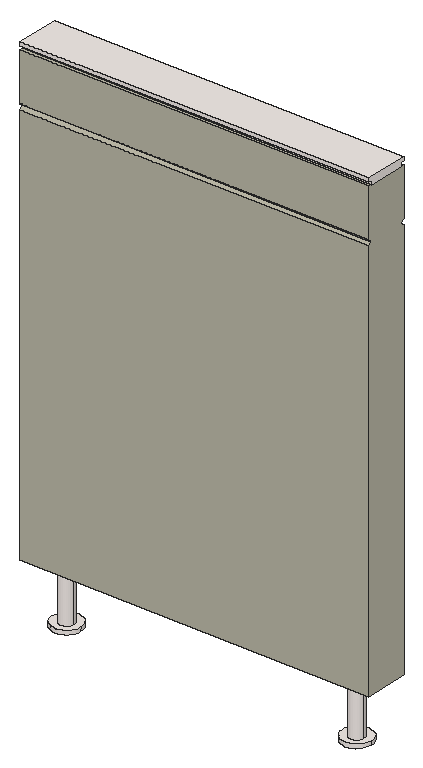
Revit family "b2a11eaf4d604028b0d2a7dfab8d45aa", category Furniture Systems, Revit 2021
Family settings
  Round Connector Dimension = Use Diameter
  Part Type = Normal
  OmniClass Number = 23.40.70.14.64.21
  OmniClass Title = Systems Furniture
  Work Plane-Based = No
  Always vertical = Yes
  Cut with Voids When Loaded = No
  Shared = No
  Room Calculation Point = No
Parameters (values of type "24" x 36"")
  Type Comments = "24\" x 36\" Panel"
  Thickness = 3"
  Start - Cap Visible [instance] = no
  Panel Material [instance] = Fabric - Plaid Beige
  Model = ""
  Manufacturer = ""
  Length = 24"
  Height = 36"
  End - Cap Visible [instance] = no
  Edge Material [instance] = Metal - Paint Linen
  Description = ""
  Default Elevation = 0"
Reference planes (in)
  plane 1 "Center F/B": y = 0
  plane 2: z = 0
  plane 3 "Center L/R": x = 0
  plane 4 "Right": x = 24
  plane 5 "Front": y = -1.5
  plane 6: x = 24.5
  plane 7 "Top": z = 36
  plane 8: z = 4
  plane 9: z = 35.5
  plane 10: z = 35.75
  plane 11: x = 2
  plane 12: x = 22
  plane 13: y = 1.5
  plane 14: x = 24.25
  plane 15: x = -0.5
  plane 16: z = 0.25
  plane 17: z = 32
  plane 18: x = -0.25
Forms (in)
  Extrusion 1, solid, material "Fabric - Plaid Beige" <- "Panel Material"
    sketch origin (0, 0, 0) x (1, 0, 0) y (0, 1, 0)
      loop
        line (0, 1.5) -> (0, -1.5) -> (24, -1.5) -> (24, 1.5) -> (0, 1.5)
    from 4 to 35.5
  Extrusion 2, solid, material "Metal - Paint Linen" <- "Edge Material"
    sketch origin (0, 0, 0) x (0, 1, 0) y (0, 0, 1)
      loop
        line (1.5, 35.75) -> (1.5, 36) -> (-1.5, 36) -> (-1.5, 35.75) -> (-1.25, 35.75) -> (-1.25, 35.5) -> (1.25, 35.5) -> (1.25, 35.75) -> (1.5, 35.75)
    from 0 to 24
  Extrusion 3, solid, material "Metal - Paint Linen" <- "Edge Material"
    sketch origin (0, 0, 0) x (1, 0, 0) y (0, 1, 0)
      loop
        circle (2, 0) r 0.5
      loop
        circle (22, 0) r 0.5
    from 0.25 to 4
  Extrusion 4, solid, material "Metal - Paint Linen" <- "Edge Material", visible <- "End - Cap Visible"
    sketch origin (0, 0, 0) x (1, 0, 0) y (0, 1, 0)
      loop
        line (24.25, 1.25) -> (24, 1.25) -> (24, -1.25) -> (24.25, -1.25) -> (24.25, -1.5) -> (24.5, -1.5) -> (24.5, 1.5) -> (24.25, 1.5) -> (24.25, 1.25)
    from 4 to 35.5
  Extrusion 5, solid, material "Metal - Paint Linen" <- "Edge Material", visible <- "End - Cap Visible"
    sketch origin (0, 0, 0) x (1, 0, 0) y (0, 0, 1)
      loop
        line (24, 36) -> (24, 35.75448) -> (24.25, 35.75448) -> (24.25, 35.5) -> (24.5, 35.5) -> (24.5, 36) -> (24, 36)
    from -1.5 to 1.5
  Extrusion 6, solid, material "Metal - Paint Linen" <- "Edge Material"
    sketch origin (0, 0, 0) x (1, 0, 0) y (0, 1, 0)
      loop
        circle (2, 0) r 1
      loop
        circle (22, 0) r 1
    from 0 to 0.25
  Extrusion 7, void
    sketch origin (0, 0, 0) x (0, 1, 0) y (0, 0, 1)
      loop
        line (-1.5, 32.19043) -> (-1.5, 31.80957) -> (-1.30957, 32) -> (-1.5, 32.19043)
      loop
        line (1.5, 32.19043) -> (1.30957, 32) -> (1.5, 31.80957) -> (1.5, 32.19043)
    from 0 to 24
  Extrusion 8, solid, material "Metal - Paint Linen" <- "Edge Material", visible <- "Start - Cap Visible"
    sketch origin (45.75, 0, 0) x (-1, 0, 0) y (0, -1, 0)
      loop
        line (46, 1.25) -> (45.75, 1.25) -> (45.75, -1.25) -> (46, -1.25) -> (46, -1.5) -> (46.25, -1.5) -> (46.25, 1.5) -> (46, 1.5) -> (46, 1.25)
    from 4 to 35.5
  Extrusion 9, solid, material "Metal - Paint Linen" <- "Edge Material", visible <- "Start - Cap Visible"
    sketch origin (44.5503, 0, 0) x (-1, 0, 0) y (0, 0, 1)
      loop
        line (44.5503, 36) -> (44.5503, 35.75) -> (44.8003, 35.75) -> (44.8003, 35.5) -> (45.0503, 35.5) -> (45.0503, 36) -> (44.5503, 36)
    from -1.5 to 1.5
Cuts and joins
  joined: Extrusion 4, Extrusion 5
  joined: Extrusion 3, Extrusion 6
  Extrusion 7 cuts Extrusion 1
  joined: Extrusion 8, Extrusion 9
Lines and regions (in)
  Masking region 1
    outline origin (0, 0, 0) x (1, 0, 0) y (0, 1, 0)
      loop
        line (0, 1.5) -> (0, -1.5) -> (24, -1.5) -> (24, 1.5) -> (0, 1.5)
  Masking region 2, visible <- "End - Cap Visible"
    outline origin (0, 0, 0) x (1, 0, 0) y (0, 1, 0)
      loop
        line (24, 1.5) -> (24, -1.5) -> (24.5, -1.5) -> (24.5, 1.5) -> (24, 1.5)
  Masking region 3, visible <- "Start - Cap Visible"
    outline origin (-50.10799, 0, 0) x (1, 0, 0) y (0, 1, 0)
      loop
        line (49.60799, 1.5) -> (49.60799, -1.5) -> (50.10799, -1.5) -> (50.10799, 1.5) -> (49.60799, 1.5)
  symbolic lines, style "FurnitureSystemsHiddenLines"
    curve 1: arc (1.5, 0, 0) -> (2, -0.5, 0) -> (2.5, 0, 0) r 0.5
    curve 2: arc (2.5, 0, 0) -> (2, 0.5, 0) -> (1.5, 0, 0) r 0.5
    curve 3: arc (21.5, 0, 0) -> (22, -0.5, 0) -> (22.5, 0, 0) r 0.5
    curve 4: arc (22.5, 0, 0) -> (22, 0.5, 0) -> (21.5, 0, 0) r 0.5
Dimensions and locks (in)
  "Length": plane 3 "Center L/R" to plane 4 "Right"
  plane 4 "Right" to plane 6 = 1/2"
  plane 8 to plane 2 = 4"
  "Height": plane 7 "Top" to plane 2
  locked: plane 7 "Top" to plane 9 at 0.5
  equal spacing: plane 7 "Top", plane 10, plane 9
  locked: Extrusion 2 sketch curve to plane 5 "Front" at 0.25
  locked: plane 3 "Center L/R" to plane 11 at 2
  locked: plane 12 to plane 4 "Right" at 2
  "Thickness": plane 13 to plane 5 "Front"
  equal spacing: plane 13, plane 1 "Center F/B", plane 5 "Front"
  locked: plane 13 to Extrusion 2 sketch curve at 0.25
  equal spacing: plane 4 "Right", plane 14, plane 6
  locked: plane 13 to Extrusion 4 sketch curve at 0.25
  locked: Extrusion 4 sketch curve to plane 5 "Front" at 0.25
  locked: plane 7 "Top" to Extrusion 5 sketch curve at 0.24552
  locked: Extrusion 5 sketch curve to plane 6 at 0.25
  locked: plane 16 to level at 0.25
  locked: plane 2 to plane 17 at 32
  locked: plane 15 to plane 3 "Center L/R" at 0.5
  equal spacing: plane 15, plane 18, plane 3 "Center L/R"
  locked: Extrusion 8 sketch curve to plane 13 at 0.25
  locked: Extrusion 8 sketch curve to plane 5 "Front" at 0.25
  equal spacing: plane 7 "Top", Extrusion 9 sketch curve, plane 9
  equal spacing: plane 3 "Center L/R", Extrusion 9 sketch curve, plane 15
  Extrusion 8 to plane 3 "Center L/R" = 1/4"
  aligned and locked: plane 5 "Front" to Extrusion 1 sketch curve
  aligned and locked: plane 3 "Center L/R" to Extrusion 1 sketch curve
  aligned and locked: Extrusion 1 sketch curve to plane 4 "Right"
  aligned and locked: level to plane 2
  aligned and locked: Extrusion 1 to plane 8
  aligned and locked: plane 9 to Extrusion 1
  aligned and locked: Extrusion 2 sketch curve to plane 7 "Top"
  aligned and locked: plane 10 to Extrusion 2 sketch curve  (x2)
  aligned and locked: plane 9 to Extrusion 2 sketch curve
  aligned and locked: plane 5 "Front" to Extrusion 2 sketch curve
  aligned and locked: plane 4 "Right" to Extrusion 2
  aligned and locked: Extrusion 1 sketch curve to plane 13
  aligned and locked: Extrusion 2 sketch curve to plane 13
  aligned and locked: plane 1 "Center F/B" to Extrusion 3 sketch curve  (x2)
  aligned and locked: plane 11 to Extrusion 3 sketch curve
  aligned and locked: plane 12 to Extrusion 3 sketch curve
  aligned and locked: plane 8 to Extrusion 3
  aligned and locked: Extrusion 4 sketch curve to plane 13
  aligned and locked: plane 14 to Extrusion 4 sketch curve  (x2)
  aligned and locked: plane 6 to Extrusion 4 sketch curve
  aligned and locked: plane 5 "Front" to Extrusion 4 sketch curve
  aligned and locked: plane 4 "Right" to Extrusion 4 sketch curve
  aligned and locked: Extrusion 4 to Extrusion 1
  aligned and locked: Extrusion 4 to plane 8
  aligned and locked: plane 6 to Extrusion 5 sketch curve
  aligned and locked: Extrusion 5 sketch curve to plane 7 "Top"
  aligned and locked: plane 4 "Right" to Extrusion 5 sketch curve
  aligned and locked: plane 9 to Extrusion 5 sketch curve
  aligned and locked: plane 13 to Extrusion 5
  aligned and locked: Extrusion 5 to plane 5 "Front"
  aligned and locked: plane 3 "Center L/R" to Masking region 1 sketch curve
  aligned and locked: Masking region 1 sketch curve to plane 4 "Right"
  aligned and locked: Masking region 1 sketch curve to plane 13
  aligned and locked: plane 5 "Front" to Masking region 1 sketch curve
  aligned and locked: curve 1 to Extrusion 3
  aligned and locked: curve 3 to Extrusion 3
  aligned and locked: plane 4 "Right" to Masking region 2 sketch curve
  aligned and locked: plane 6 to Masking region 2 sketch curve
  aligned and locked: Masking region 2 sketch curve to plane 13
  aligned and locked: plane 5 "Front" to Masking region 2 sketch curve
  aligned and locked: plane 11 to Extrusion 6 sketch curve
  aligned and locked: plane 1 "Center F/B" to Extrusion 6 sketch curve  (x2)
  aligned and locked: plane 16 to Extrusion 6
  aligned and locked: Extrusion 3 to plane 16
  aligned and locked: plane 12 to Extrusion 6 sketch curve
  aligned and locked: plane 13 to Extrusion 7 sketch curve
  aligned and locked: plane 5 "Front" to Extrusion 7 sketch curve
  aligned and locked: plane 17 to Extrusion 7 sketch curve  (x2)
  aligned and locked: cut or joined group of Extrusion 1, Extrusion 7 to plane 3 "Center L/R"
  aligned and locked: plane 4 "Right" to cut or joined group of Extrusion 1, Extrusion 7
  aligned and locked: plane 18 to Extrusion 8 sketch curve  (x2)
  aligned and locked: plane 15 to Extrusion 8 sketch curve
  aligned and locked: Extrusion 8 sketch curve to plane 3 "Center L/R"
  aligned and locked: plane 7 "Top" to Extrusion 9 sketch curve
  aligned and locked: Extrusion 9 sketch curve to plane 15
  aligned and locked: Extrusion 9 sketch curve to plane 9
  aligned and locked: plane 3 "Center L/R" to Extrusion 9 sketch curve
  aligned and locked: Masking region 3 sketch curve to plane 3 "Center L/R"
  aligned and locked: plane 15 to Masking region 3 sketch curve
  aligned and locked: Masking region 3 sketch curve to plane 13
  aligned and locked: plane 5 "Front" to Masking region 3 sketch curve
  aligned and locked: plane 9 to Extrusion 8
  aligned and locked: Extrusion 8 to plane 8
  aligned and locked: plane 13 to cut or joined group of Extrusion 8, Extrusion 9
  aligned and locked: cut or joined group of Extrusion 8, Extrusion 9 to plane 5 "Front"
Automatic sketch dimensions
  plane 5 "Front" to Extrusion 7 sketch curve = 0.19043"
  Extrusion 7 sketch curve to plane 13 = 0.19043"
  plane 17 to Extrusion 7 sketch curve = 0.19043"  (x2)
  Extrusion 8 sketch curve to plane 13 = 0"
  Extrusion 8 sketch curve to plane 5 "Front" = 0"
  radius of Extrusion 3 sketch curve = 1/2"  (x2)
  radius of Extrusion 6 sketch curve = 1"  (x2)
